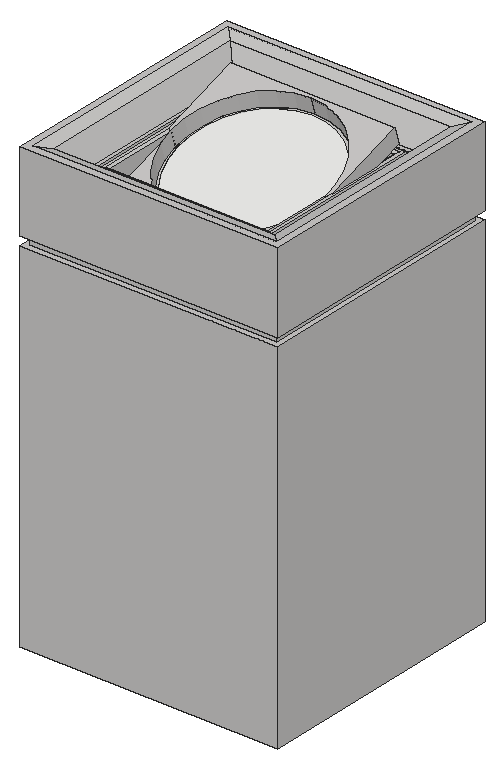
Revit family "Lighting-Luminii-Leto_44_S_A_MID new", category Lighting Fixtures, host Face, Revit 2020
Family settings
  Host = Face
  Round Connector Dimension = Use Diameter
  Part Type = Normal
  OmniClass Number = 23.80.70.11.14.11
  OmniClass Title = Downlights
  Cut with Voids When Loaded = No
  Light Source = Yes
  Shared = Yes
  Room Calculation Point = No
Parameters (values of type "Leto 44 S A MID")
  Width = 0' - 3 189/256"  # constant formula
  Wattage Comments = "6.5W"
  Wattage = 6.49954 W
  Warranty URL = "https://www.luminii.com/terms-conditions/"
  built-in parameter 1150110 = 1 (stored number, unit not read)
  Voltage Comments = "120V | 277V | 347V"  # constant formula
  Voltage = 120 V
  Version = "2020 - v1.0a"  # constant formula
  URL = "https://www.luminii.com/"
  built-in parameter 1114217 = 1 (stored number, unit not read)
  Tilt Angle = -90.00°  # constant formula
  built-in parameter 1150109 = 1 (stored number, unit not read)
  built-in parameter 1150134 = (empty or 0)
  built-in parameter 1150113 = 1 (stored number, unit not read)
  Support Phone = "224-699-9545"  # constant formula
  Support Email = "mailto:support@bimsmith.com"
  Product Page URL = "https://www.luminii.com/product/leto-44-s-a-mid/"
  Power Source Type = "Driver"  # constant formula
  Power Factor = 1
  Photometric Web File = "704A-A90-615-30-07-00.ies"
  Phase = 1
  Operating Temperature = "Consult Manufacturer Website for more Information"  # constant formula
  Number of Poles = if(and(or(Voltage = 120 V, Voltage = 277 V), Phase = 1), 1, if(and(or(Voltage = 208 V, Voltage = 240 V), Phase = 1), 2, if(and(or(Voltage = 208 V, Voltage = 240 V), Phase = 3), 3, if(and(Voltage > 300 V, Phase = 1), 2, if(and(Voltage > 400 V, Phase = 3), 3, 1)))))  # 1
  Mounting Method = "Ceiling Mount"  # constant formula
  Model = "704A"  # constant formula
  Manufacturer Phone Number = "403-216-7043"  # constant formula
  Manufacturer Email = "mailto: info@sensolighting.com"
  Manufacturer Address = "302 50 Ave SE. Calgary, Alberta, T2G 2A9 Canada"  # constant formula
  Manufacturer = "Luminii"  # constant formula
  built-in parameter 1150105 = 55.704 (stored number, unit not read)
  Lumens = 700 lm
  Luminaire Type = "Asymmetric Surface Mount LED Downlight"  # constant formula
  built-in parameter 1150115 = 1 (stored number, unit not read)
  Load Classification = Lighting
  built-in parameter 1150137 = (empty or 0)
  built-in parameter 1150139 = (empty or 0)
  Lens Material = Plastic - Luminii - Frosted Lens
  built-in parameter 1150112 = 1 (stored number, unit not read)
  built-in parameter 1150114 = 1 (stored number, unit not read)
  Lamp Life = 1
  Lamp = "LED"  # constant formula
  Keynote = "26 50 00"
  built-in parameter 1150132 = 2
  built-in parameter 1150102 = (empty or 0)
  built-in parameter 1150107 = 3500 (stored number, unit not read)
  Initial Color Comments = "Perfomance based on 3500K Photometric Web File"  # constant formula
  built-in parameter 1150138 = (empty or 0)
  built-in parameter 1150106 = 0.55704 (stored number, unit not read)
  Housing Protection Rating = "Consult Manufacturer Website for more Information"  # constant formula
  Height = 0' - 6 1/2"  # constant formula
  Has Dimming = 1 = 1  # yes
  Has Battery Backup = 0 = 1  # no
  Frequency Comments = ""  # constant formula
  Frequency = 60 Hz
  Finish = Metal - Luminii - Silver Anodized Aluminum
  Environment = "Indoor"  # constant formula
  built-in parameter 1150104 = 10.006 (stored number, unit not read)
  Dimming Type = "Consult Manufacturer Website for more Information"  # constant formula
  Dimming Lamp Color Temperature Shift = <None>
  Description = "Asymmetric Surface Mount LED Downlight"  # constant formula
  Depth = 0' - 3 189/256"  # constant formula
  Default Elevation = 0' - 0"  # constant formula
  Current Amps = 50 A
  Copyright = "©2024 Luminii"  # constant formula
  Control Zone = "Consult Manufacturer Website for more Information"  # constant formula
  Control Type = "Consult Manufacturer Website for more Information"  # constant formula
  Constraints = 1  # constant formula
  Color Filter = 16777215
  built-in parameter 1114216 [instance] = 0  # (empty or 0)
  Canopy Finish = Metal - Luminii - Silver Anodized Aluminum
  built-in parameter 1140040 [instance] = 1 = 1  # 1
  CCT = "3500K"
  built-in parameter 1114218 = 1 (stored number, unit not read)
  built-in parameter 1150133 = 10 (stored number, unit not read)
  Assembly Code = "D5020200"
  Apparent Load = Wattage / Power Factor  # 6.49954 VA
Reference planes (in)
  plane 1 "Center (Front/Back)": y = 0
  plane 2: z = 0
  plane 3 "Center (Left/Right)": x = 0
  plane 4: x = 0
  plane 5: x = 0
  plane 6: y = 1.86914
  plane 7: y = -1.86914
  plane 8 "A": z = 0
  plane 9: z = 6.5
Forms (in)
  Extrusion 1, solid, material "Metal - Luminii - Silver Anodized Aluminum", not visible
    sketch origin (0, 0, 0) x (1, 0, 0) y (0, 1, 0)
      loop
        circle (0, 0) r 0.5
    from 0 to -0.17225
Dimensions and locks (in)
  equal spacing: plane 4, plane 3 "Center (Left/Right)", plane 5
  equal spacing: plane 6, plane 1 "Center (Front/Back)", plane 7
  plane 4 to plane 5 = 0' - 0"
  "Width": plane 6 to plane 7
  "Height": plane 9 to plane 8 "A"
  locked: plane 9 to imposter light at 0.58258
  aligned and locked: plane 2 to host face
  aligned and locked: plane 3 "Center (Left/Right)" to Extrusion 1 sketch curve
  aligned and locked: plane 1 "Center (Front/Back)" to Extrusion 1 sketch curve
  aligned and locked: plane 2 to Extrusion 1  (x2)
  aligned and locked: imposter light to plane 3 "Center (Left/Right)"
  aligned and locked: imposter light to plane 1 "Center (Front/Back)"
  aligned and locked: plane 3 "Center (Left/Right)" to nested 1
  aligned and locked: plane 1 "Center (Front/Back)" to nested 1
  aligned and locked: plane 8 "A" to host face
Automatic sketch dimensions
  host sketch curve to host sketch curve = 8' - 0"  (x2)
  radius of Extrusion 1 sketch curve = 0' - 0 1/2"
Nested families (in)
  nested 1: "Nested - Lamp" at (0, 0, 0), type "Nested - Lamp"
Connectors (in)
  electrical at (0, 0, 0), driven by "Number of Poles", driven by "Load Classification", driven by "Voltage", driven by "Apparent Load", driven by "Power Factor"
    settings: on Extrusion 1, index 1, voltage 120 V, apparent load 6.49954 VA, apparent load phase1 0 VA, apparent load phase2 0 VA, apparent load phase3 0 VA, power factor 1, load classification "Lighting", number of poles 1, system type 30, power factor state 1, is connector primary yes, connector utility no, sub classification motor no, connector description "Power Connection"
Definition of nested family "Nested - Lamp"
  Parameters (values of type "Nested - Lamp")
    Width = 0' - 3.74016"  # constant formula
    Screen Material = none
    Inner Screen = none
    Height = 0' - 6.49606"  # constant formula
    Finish = none
    Default Elevation = 4' - 0"
    Constraint = 3
  Reference planes (in)
    plane 1 "Center (Front/Back)": y = 0
    plane 2: z = 0
    plane 3 "Center (Left/Right)": x = 0
    plane 4: y = 1.87008
    plane 5: y = -1.87008
    plane 6: x = -1.87008
    plane 7: x = 1.87008
    plane 8: z = 6.49606
  Forms (in)
    Extrusion 1, solid
      sketch origin (0, 0, 0) x (1, 0, 0) y (0, 1, 0)
        loop
          line (-48, 48) -> (-48, -48) -> (48, -48) -> (48, 48) -> (-48, 48)
      from 0 to -12
    Sweep 2, solid, material <- "Finish", detail levels medium+fine
      path origin (-0.03362, 1.25, 6.49606) x (0, 1, 0) y (-1, 0, 0)
        loop
          line (0.62008, -1.9037) -> (0.62008, 1.83645) -> (-3.12008, 1.83645) -> (-3.12008, -1.9037) -> (0.62008, -1.9037)
      profile origin (1.87008, 0, 6.49606) x (1, 0, 0) y (0, 0, 1)
        loop
          line (0, -6.49606) -> (0, -1.27953) -> (-0.07874, -1.27953) -> (-0.07874, -1.16142) -> (0, -1.16142) -> (0, 0) -> (-0.10635, 0) -> (-0.27543, -0.05067) -> (-0.47227, -0.3937) -> (-0.53051, -0.3937) -> (-0.54899, -0.60489)
          arc (-0.54899, -0.60489) -> (-0.57675, -0.62619) -> (-0.60039, -0.60039) r 0.0259
          line (-0.60039, -0.60039) -> (-0.63719, -0.33858) -> (-0.68091, -0.33858) -> (-0.72263, -0.3546) -> (-0.72263, -0.79506) -> (-0.21654, -0.79506) -> (-0.21654, -6.29921) -> (-0.07874, -6.29921) -> (-0.07874, -6.49606) -> (0, -6.49606)
    Extrusion 3, solid, material <- "Screen Material"
      sketch origin (0, 0.08377, 5.77427) x (1, 0, 0) y (0, 0.951057, 0.309017)
        loop
          circle (0, 0) r 1.10584
      from 0.14567 to 0.15757
    Extrusion 4, solid, material <- "Finish"
      sketch origin (1.59205, 1.40385, 6.86346) x (0, -0.951057, -0.309017) y (1, 0, 0)
        loop
          circle (1.59205, -1.59205) r 1.14745
        loop
          line (2.78122, -2.78122) -> (2.78122, -0.40289) -> (0.40289, -0.40289) -> (0.40289, -2.78122) -> (2.78122, -2.78122)
      from -0.48228 to -0.23031
    Extrusion 5, solid, material <- "Finish"
      sketch origin (1.59205, 1.40385, 6.86346) x (0, -0.951057, -0.309017) y (1, 0, 0)
        loop
          circle (1.59205, -1.59205) r 1.14745
      from -0.48228 to -0.62795
    Extrusion 6, solid, material <- "Finish"
      sketch origin (-0.03362, 1.25, 8.28705) x (0, 1, 0) y (-1, 0, 0)
        loop
          line (-3.06102, -1.84465) -> (0.56102, -1.84465) -> (0.56102, 1.7774) -> (-3.06102, 1.7774) -> (-3.06102, -1.84465)
        loop
          line (-2.4311, -0.30922) -> (-1.84055, -0.30922)
          arc (-1.84055, -0.30922) -> (-1.61784, -0.40147) -> (-1.52559, -0.62418) r 0.31496
          line (-1.52559, -0.62418) -> (-1.52559, -1.21473)
          arc (-1.52559, -1.21473) -> (-1.25, -1.49032) -> (-0.97441, -1.21473) r 0.27559
          line (-0.97441, -1.21473) -> (-0.97441, -0.62418)
          arc (-0.97441, -0.62418) -> (-0.88216, -0.40147) -> (-0.65945, -0.30922) r 0.31496
          line (-0.65945, -0.30922) -> (-0.0689, -0.30922)
          arc (-0.0689, -0.30922) -> (0.20669, -0.03362) -> (-0.0689, 0.24197) r 0.27559
          line (-0.0689, 0.24197) -> (-0.65945, 0.24197)
          arc (-0.65945, 0.24197) -> (-0.88216, 0.33422) -> (-0.97441, 0.55693) r 0.31496
          line (-0.97441, 0.55693) -> (-0.97441, 1.14748)
          arc (-0.97441, 1.14748) -> (-1.25, 1.42307) -> (-1.52559, 1.14748) r 0.27559
          line (-1.52559, 1.14748) -> (-1.52559, 0.55693)
          arc (-1.52559, 0.55693) -> (-1.61784, 0.33422) -> (-1.84055, 0.24197) r 0.31496
          line (-1.84055, 0.24197) -> (-2.4311, 0.24197)
          arc (-2.4311, 0.24197) -> (-2.70669, -0.03362) -> (-2.4311, -0.30922) r 0.27559
      from -8.1649 to -8.0902
    Extrusion 7, solid, material <- "Finish"
      sketch origin (-0.03362, 1.25, 8.28705) x (0, 1, 0) y (-1, 0, 0)
        loop
          line (-3.06102, -1.84465) -> (0.56102, -1.84465) -> (0.56102, 1.7774) -> (-3.06102, 1.7774) -> (-3.06102, -1.84465)
        loop
          arc (-0.48507, -0.44078) -> (-0.38346, -0.03362) -> (-0.48507, 0.37353) r 0.86654
          arc (-0.48507, 0.37353) -> (-0.58858, 0.40015) -> (-0.62431, 0.29942) r 0.07918
          arc (-0.62431, 0.29942) -> (-0.5412, -0.03362) -> (-0.62431, -0.36667) r 0.7088
          arc (-0.62431, -0.36667) -> (-0.58858, -0.4674) -> (-0.48507, -0.44078) r 0.07918
        loop
          arc (-2.01493, -0.44078) -> (-1.91142, -0.4674) -> (-1.87569, -0.36667) r 0.07918
          arc (-1.87569, -0.36667) -> (-1.9588, -0.03362) -> (-1.87569, 0.29942) r 0.7088
          arc (-1.87569, 0.29942) -> (-1.91142, 0.40015) -> (-2.01493, 0.37353) r 0.07918
          arc (-2.01493, 0.37353) -> (-2.11654, -0.03362) -> (-2.01493, -0.44078) r 0.86654
        loop
          arc (-1.65716, 0.73131) -> (-1.68378, 0.62779) -> (-1.58304, 0.59206) r 0.07918
          arc (-1.58304, 0.59206) -> (-1.25, 0.67518) -> (-0.91696, 0.59206) r 0.7088
          arc (-0.91696, 0.59206) -> (-0.81622, 0.62779) -> (-0.84284, 0.73131) r 0.07918
          arc (-0.84284, 0.73131) -> (-1.25, 0.83292) -> (-1.65716, 0.73131) r 0.86654
        loop
          arc (-1.65716, -0.79856) -> (-1.25, -0.90017) -> (-0.84284, -0.79856) r 0.86654
          arc (-0.84284, -0.79856) -> (-0.81622, -0.69504) -> (-0.91696, -0.65931) r 0.07918
          arc (-0.91696, -0.65931) -> (-1.25, -0.74243) -> (-1.58304, -0.65931) r 0.7088
          arc (-1.58304, -0.65931) -> (-1.68378, -0.69504) -> (-1.65716, -0.79856) r 0.07918
      from -7.77524 to -7.71544
    Sweep 8, solid, material <- "Finish", detail levels coarse
      path origin (-0.03362, 1.25, 6.49606) x (0, 1, 0) y (-1, 0, 0)
        loop
          line (0.62008, -1.9037) -> (0.62008, 1.83645) -> (-3.12008, 1.83645) -> (-3.12008, -1.9037) -> (0.62008, -1.9037)
      profile origin (1.87008, 0, 6.49606) x (1, 0, 0) y (0, 0, 1)
        loop
          line (0, -6.49606) -> (0, 0) -> (-0.10635, 0) -> (-0.68091, -0.17218) -> (-0.68091, -0.79506) -> (-0.21654, -0.79506) -> (-0.21654, -6.29921) -> (-0.07874, -6.29921) -> (-0.07874, -6.49606) -> (0, -6.49606)
  Lines and regions (in)
    reference lines
      curve 1: line (0, 0.18185, 6.0315) -> (0, -0.18916, 6.0315)
  Dimensions and locks (in)
    "Height": plane 8 to Extrusion 1
    equal spacing: plane 4, plane 1 "Center (Front/Back)", plane 5
    "Width": plane 4 to plane 5
    equal spacing: plane 6, plane 3 "Center (Left/Right)", plane 7
    "Width": plane 6 to plane 7
    aligned and locked: plane 2 to Extrusion 1
    aligned and locked: level to Extrusion 1
    aligned and locked: Sweep 2 sketch curve to plane 7
    aligned and locked: plane 6 to Sweep 2 sketch curve
    aligned and locked: Sweep 2 sketch curve to plane 4
    aligned and locked: plane 5 to Sweep 2 sketch curve
  Automatic sketch dimensions
    Extrusion 1 sketch curve to Extrusion 1 sketch curve = 8' - 0"  (x2)
    Sweep 2 sketch curve to plane 8 = 0' - 0"
    profile plane to Sweep 2 sketch curve = 0' - 0"  (x2)
    Sweep 2 sketch curve to Sweep 2 sketch curve = 0' - 0.07874"  (x2)
    profile plane to Sweep 2 sketch curve = 0' - 0.21654"
    Sweep 2 sketch curve to plane 8 = 0' - 0.05067"
    profile plane to Sweep 2 sketch curve = 0' - 0.27543"
    Sweep 2 sketch curve to Sweep 2 sketch curve = 0' - 0.19684"
    Sweep 2 sketch curve to Sweep 2 sketch curve = 0' - 0.05825"
    Sweep 2 sketch curve to Sweep 2 sketch curve = 0' - 0.01848"
    Sweep 2 sketch curve to Sweep 2 sketch curve = 0' - 0.0255"
    Sweep 2 sketch curve to Sweep 2 sketch curve = 0' - 0.0259"
    Sweep 2 sketch curve to Sweep 2 sketch curve = 0' - 0.10667"
    Sweep 2 sketch curve to Sweep 2 sketch curve = 0' - 0.04373"
    Sweep 2 sketch curve to Sweep 2 sketch curve = 0' - 0.12224"
    Sweep 2 sketch curve to plane 8 = 0' - 0.33858"
    Sweep 2 sketch curve to Sweep 2 sketch curve = 0' - 0.01601"
    Sweep 2 sketch curve to Sweep 2 sketch curve = 0' - 0.05512"
    Sweep 2 sketch curve to Sweep 2 sketch curve = 0' - 0.20669"
    Sweep 2 sketch curve to Sweep 2 sketch curve = 0' - 0.19467"
    Sweep 2 sketch curve to Sweep 2 sketch curve = 0' - 0.36636"
    Sweep 2 sketch curve to Sweep 2 sketch curve = 0' - 0.11811"
    Sweep 2 sketch curve to Sweep 2 sketch curve = 0' - 5.01969"
    Sweep 2 sketch curve to Sweep 2 sketch curve = 0' - 0.19685"
    Sweep 2 sketch curve to Sweep 2 sketch curve = 0' - 0.10635"
    Extrusion 6 sketch curve to plane 3 "Center (Left/Right)" = 0' - 0"  (x2)
    plane 1 "Center (Front/Back)" to Extrusion 6 sketch curve = 0' - 0"  (x2)
    plane 1 "Center (Front/Back)" to Extrusion 6 sketch curve = 0' - 0.27559"  (x2)
    Extrusion 6 sketch curve to Extrusion 6 sketch curve = 0' - 0.31496"  (x4)
    plane 3 "Center (Left/Right)" to Extrusion 6 sketch curve = 0' - 0.27559"
    Extrusion 6 sketch curve to Extrusion 6 sketch curve = 0' - 0.59055"  (x4)
    Extrusion 6 sketch curve to plane 5 = 0' - 0.05906"
    Extrusion 6 sketch curve to plane 3 "Center (Left/Right)" = 0' - 0.27559"
    Extrusion 6 sketch curve to plane 4 = 0' - 0.05906"
    Extrusion 6 sketch curve to plane 7 = 0' - 0.05906"
    Extrusion 6 sketch curve to plane 6 = 0' - 0.05906"
    Extrusion 7 sketch curve to Extrusion 7 sketch curve = 0' - 0"  (x58)
    plane 1 "Center (Front/Back)" to Extrusion 7 sketch curve = 0' - 0"
    Extrusion 7 sketch curve to plane 3 "Center (Left/Right)" = 0' - 0"
    plane 1 "Center (Front/Back)" to Extrusion 7 sketch curve = 0' - 0.36388"  (x2)
    Extrusion 7 sketch curve to Extrusion 7 sketch curve = 0' - 0.33475"  (x8)
    Extrusion 7 sketch curve to plane 5 = 0' - 0.05906"
    Extrusion 7 sketch curve to plane 1 "Center (Front/Back)" = 0' - 0.36388"  (x2)
    plane 3 "Center (Left/Right)" to Extrusion 7 sketch curve = 0' - 0.36388"  (x2)
    Extrusion 7 sketch curve to plane 4 = 0' - 0.05906"
    Extrusion 7 sketch curve to plane 7 = 0' - 0.05906"
    Extrusion 7 sketch curve to plane 3 "Center (Left/Right)" = 0' - 0.36388"  (x2)
    Extrusion 7 sketch curve to plane 6 = 0' - 0.05906"
    Extrusion 7 sketch curve to Extrusion 7 sketch curve = 0' - 0.03084"  (x4)
    Extrusion 7 sketch curve to Extrusion 7 sketch curve = 0' - 0.04328"  (x4)
    Extrusion 7 sketch curve to Extrusion 7 sketch curve = 0' - 0.07293"  (x6)
    Extrusion 7 sketch curve to Extrusion 7 sketch curve = 0' - 0.06631"  (x2)
    plane 5 to Sweep 8 sketch curve = 0' - 0"
    Sweep 8 sketch curve to plane 4 = 0' - 0"
    Sweep 8 sketch curve to plane 7 = 0' - 0"
    Sweep 8 sketch curve to plane 6 = 0' - 0"
    Sweep 8 sketch curve to plane 8 = 0' - 0"
    profile plane to Sweep 8 sketch curve = 0' - 0"
    profile plane to Sweep 8 sketch curve = 0' - 0.07874"
    Sweep 8 sketch curve to Sweep 8 sketch curve = 0' - 0.1378"
    Sweep 8 sketch curve to plane 8 = 0' - 0.17218"
    profile plane to Sweep 8 sketch curve = 0' - 0.68091"
    Sweep 8 sketch curve to Sweep 8 sketch curve = 0' - 0.62288"
    Sweep 8 sketch curve to Sweep 8 sketch curve = 0' - 5.50415"
    Sweep 8 sketch curve to Sweep 8 sketch curve = 0' - 0.19685"
    Sweep 8 sketch curve to Sweep 8 sketch curve = 0' - 0.10635"
    plane 1 "Center (Front/Back)" to curve 1 = 0' - 0.18916"
    curve 1 to plane 8 = 0' - 0.46457"
    curve 1 to plane 1 "Center (Front/Back)" = 0' - 0.18185"
    Extrusion 3 sketch curve to plane 3 "Center (Left/Right)" = 0' - 0"
    Extrusion 4 sketch curve to plane 3 "Center (Left/Right)" = 0' - 0"
    Extrusion 4 sketch curve to plane 7 = 0' - 0.68091"
    Extrusion 4 sketch curve to Extrusion 4 sketch curve = 0' - 1.18916"  (x2)
    Extrusion 4 sketch curve to plane 6 = 0' - 0.68091"
    Extrusion 5 sketch curve to plane 3 "Center (Left/Right)" = 0' - 0"
    radius of Extrusion 3 sketch curve = 0' - 1.10584"
    radius of Extrusion 4 sketch curve = 0' - 1.14745"
    radius of Extrusion 5 sketch curve = 0' - 1.14745"
